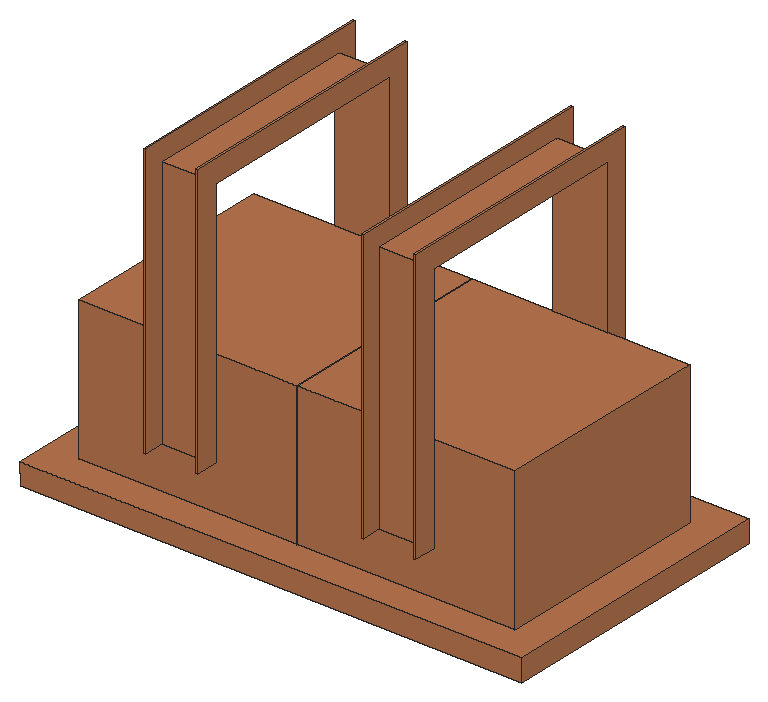
Revit family "SR01_Spot Light Linear Plaster", category Lighting Fixtures, Revit 2013
Parameters
  Wattage = 9.2903 W
  built-in parameter 1150110 = 1 (stored number, unit not read)
  built-in parameter 1114217 = 1 (stored number, unit not read)
  built-in parameter 1150109 = 1 (stored number, unit not read)
  built-in parameter 1150134 = 3
  built-in parameter 1150113 = 1 (stored number, unit not read)
  Model = ""
  Manufacturer = ""
  built-in parameter 1150105 = 439.27 (stored number, unit not read)
  Lumens = 1380 lm
  built-in parameter 1150115 = 1 (stored number, unit not read)
  Load Classification = Ltg
  Light Type [instance] = "SR01"
  Light Source Symbol Size = 200 mm
  built-in parameter 1150137 = (empty or 0)
  built-in parameter 1150139 = (empty or 0)
  Light Body = Light Body
  Light = Light
  built-in parameter 1150112 = 1 (stored number, unit not read)
  built-in parameter 1150114 = 1 (stored number, unit not read)
  Lamp = "2xLED"
  built-in parameter 1150132 = (empty or 0)
  built-in parameter 1150102 = (empty or 0)
  built-in parameter 1150107 = 3200 (stored number, unit not read)
  built-in parameter 1150138 = (empty or 0)
  built-in parameter 1150106 = 4.3927 (stored number, unit not read)
  Glass = Clear Glass
  Frame = Frame
  Emit from Rectangle Width = 100 mm
  Emit from Rectangle Length = 200 mm
  Emit Shape Visible in Rendering = no
  built-in parameter 1150104 = 13.8 (stored number, unit not read)
  Dimming Lamp Color Temperature Shift = <None>
  Color Filter = 16777215
  Body = Body
  built-in parameter 1114218 = 1 (stored number, unit not read)
  built-in parameter 1150133 = 10 (stored number, unit not read)
  Apparent Load = 20 W
Reference planes
  plane 1 "Light Source Axis (F/B)": y = 0
  plane 2: z = 0
  plane 3 "Light Source Axis (L/R)": x = 0
  plane 4 "Light Source Elevation": z = 1371.6
  plane 5 "Top": z = 1524
  plane 6: x = -50
  plane 7: x = -115
  plane 8: x = 50
  plane 9: x = 115
  plane 10: y = 50
  plane 11: y = -50
  plane 12: y = 65
  plane 13: y = -65
  plane 14: x = -100
  plane 15: x = 100
  plane 16: z = 65
  plane 17: z = 145
Forms (mm)
  Extrusion 1, solid, material "Light Body" <- "Light Body"
    sketch origin (0, 0, 0) x (1, 0, 0) y (0, 1, 0)
      loop
        line (-115, -65) -> (115, -65) -> (115, 65) -> (-115, 65) -> (-115, -65)
      loop
        line (-100, -50) -> (100, -50) -> (100, 50) -> (-100, 50) -> (-100, -50)
    from 0 to -10
  Extrusion 2, solid, material "Light Body" <- "Light Body"
    sketch origin (100, 0, 0) x (1, 0, 0) y (0, 1, 0)
      loop
        line (-200, -50) -> (-100, -50) -> (-100, 50) -> (-200, 50) -> (-200, -50)
    from -10 to 65
  Revolve 3, void
    sketch origin (100, 0, 0) x (1, 0, 0) y (0, 0, 1)
      loop
        line (-195, -10) -> (-150, -10) -> (-150, 35)
        arc (-150, 35) -> (-181.82, 21.82) -> (-195, -10) r 45
      axis (-150, 35) -> (-150, -10)
    angle from 0 to 360
  Sweep 4, solid, material "Light Body" <- "Light Body"
    path origin (-50, 0, 0) x (0, 1, 0) y (0, 0, 1)
      loop
        line (50, 20) -> (50, 135) -> (-50, 135) -> (-50, 20)
    profile "25x10 Channel : 25x10 Channel" origin (-50, 50, 77.5) x (0, -1, 0) y (1, 0, 0)
      loop
        line (-10, -12.5) -> (0, -12.5) -> (0, 12.5) -> (-10, 12.5) -> (-10, 11.5) -> (-1, 11.5) -> (-1, -11.5) -> (-10, -11.5) -> (-10, -12.5)
  Extrusion 5, solid, material "Light Body" <- "Light Body"
    sketch origin (200, 0, 0) x (1, 0, 0) y (0, 1, 0)
      loop
        line (-200, -50) -> (-100, -50) -> (-100, 50) -> (-200, 50) -> (-200, -50)
    from -10 to 65
  Revolve 6, void
    sketch origin (200, 0, 0) x (1, 0, 0) y (0, 0, 1)
      loop
        line (-195, -10) -> (-150, -10) -> (-150, 35)
        arc (-150, 35) -> (-181.82, 21.82) -> (-195, -10) r 45
      axis (-150, 35) -> (-150, -10)
    angle from 0 to 360
  Sweep 7, solid, material "Light Body" <- "Light Body"
    path origin (50, 0, 0) x (0, 1, 0) y (0, 0, 1)
      loop
        line (50, 20) -> (50, 135) -> (-50, 135) -> (-50, 20)
    profile "25x10 Channel : 25x10 Channel" origin (50, 50, 77.5) x (0, -1, 0) y (1, 0, 0)
      loop
        line (-10, -12.5) -> (0, -12.5) -> (0, 12.5) -> (-10, 12.5) -> (-10, 11.5) -> (-1, 11.5) -> (-1, -11.5) -> (-10, -11.5) -> (-10, -12.5)
Cuts and joins
  Revolve 3, Revolve 6 cuts Extrusion 2
  Revolve 6 cuts Extrusion 5
Dimensions and locks
  plane 16 to level = 65 mm
  plane 17 to level = 145 mm
  aligned and locked: plane 9 to Extrusion 1
  aligned and locked: Extrusion 1 to plane 7
Nested families
  nested 1: "EL_SR01" at (0, 0, 0), type "EL_SR01"
Connectors
  electrical at (-50, 0, -10)
    settings: on cut or joined group of Extrusion 2, Revolve 3, Revolve 6, index 1, voltage 230 V, apparent load 0 W, apparent load phase1 20 W, apparent load phase2 0 W, apparent load phase3 0 W, power factor 0.9, load classification "Ltg", number of poles 1, system type 31, power factor state 1, is connector primary yes, connector utility no, sub classification motor no, connector description ""
Definition of nested family "EL_SR01"
  Reference planes
    plane 1: y = 0
    plane 2: x = 0
  Lines and regions (mm)
    detail lines, style "Lighting Symbols"
      curve 1: line (-2.4, -1.2, 0) -> (2.4, -1.2, 0)
      curve 2: line (-2.4, 1.2, 0) -> (-2.4, -1.2, 0)
      curve 3: line (2.4, 1.2, 0) -> (-2.4, 1.2, 0)
      curve 4: line (2.4, -1.2, 0) -> (2.4, 1.2, 0)
      curve 5: line (0, 1.2, 0) -> (0, -1.2, 0)
      curve 6: circle (-1.2, 0, 0) r 1 normal (0, 0, 1)
      curve 7: circle (-1.2, 0, 0) r 0.8 normal (0, 0, 1)
      curve 8: circle (1.2, 0, 0) r 1 normal (0, 0, 1)
      curve 9: circle (1.2, 0, 0) r 0.8 normal (0, 0, 1)
